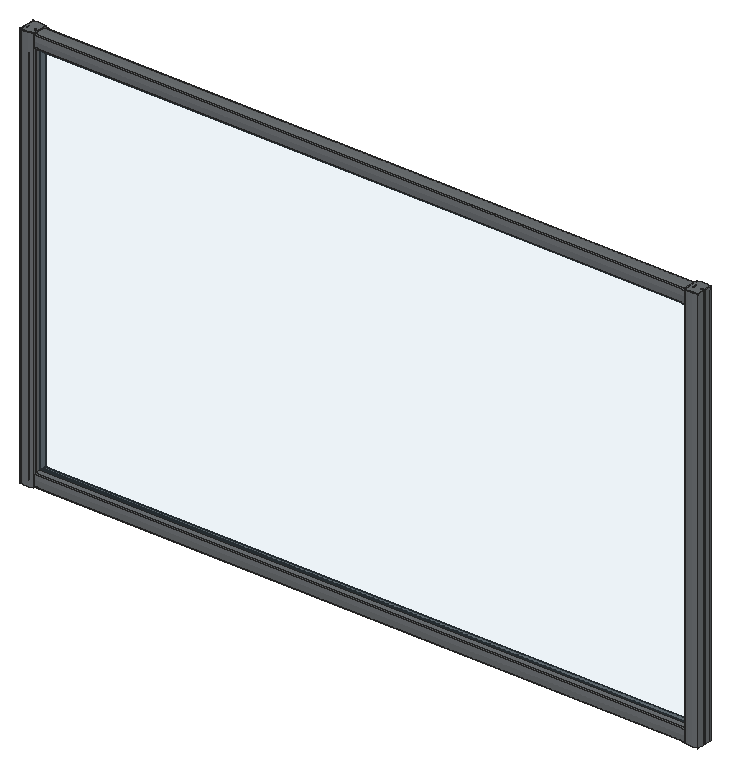
Revit family "Verano_V730_Biarritz_GM_R21", category Generic Models, Revit 2021 (continued)
Definition of nested family "Flat Plate TYPE 3"
  Forms (mm)
    Extrusion 1, solid, material <- "Frame Material"
      sketch origin (0, 0, 0) x (1, 0, 0) y (0, 1, 0)
        loop
          line (-25, 295) -> (-25, -295) -> (25, -295) -> (25, 295) -> (-25, 295)
        loop
          circle (0, -276) r 5
        loop
          circle (0, 276) r 5
      from 72 to 80
    Extrusion 2, solid, material <- "Frame Material"
      sketch origin (0, 0, 0) x (1, 0, 0) y (0, 1, 0)
        loop
          line (0, -267.953) -> (-6.969, -271.976) -> (-6.969, -280.024) -> (0, -284.047) -> (6.969, -280.024) -> (6.969, -271.976) -> (0, -267.953)
        loop
          line (0, 283.975) -> (-6.907, 279.988) -> (-6.907, 272.012) -> (0, 268.025) -> (6.907, 272.012) -> (6.907, 279.988) -> (0, 283.975)
        loop
          circle (0, 276) r 5
        loop
          circle (0, -276) r 5
      from 80 to 88
    Extrusion 3, solid, material <- "Frame Material"
      sketch origin (0, 0, 0) x (1, 0, 0) y (0, 1, 0)
        loop
          circle (0, -276) r 5
        loop
          circle (0, 276) r 5
      from 70 to 90
    Extrusion 4, solid, material <- "Frame Material"
      sketch origin (0, 0, 0) x (1, 0, 0) y (0, 1, 0)
        loop
          circle (0, -276) r 15
        loop
          circle (0, 276) r 15
      from 68 to 70
    Revolve 5, solid, material <- "Frame Material"
      sketch origin (0, 0, 30) x (0, 1, 0) y (-1, 0, 0)
        loop
          line (284, 0) -> (284, 13) -> (282, 13) -> (282, 15) -> (284, 15)
          arc (284, 15) -> (284.668, 21.162) -> (284.402, 27.354) r 41.118
          arc (284.402, 27.354) -> (283.415, 29.243) -> (281.423, 30) r 3
          line (281.423, 30) -> (270.577, 30)
          arc (270.577, 30) -> (268.585, 29.243) -> (267.598, 27.354) r 3
          arc (267.598, 27.354) -> (267.332, 21.162) -> (268, 15) r 41.118
          line (268, 15) -> (270, 15) -> (270, 13) -> (268, 13) -> (268, 0) -> (284, 0)
        axis (284.402, 0) -> (267.598, 0)
      angle from 0 to 360
    Revolve 6, solid, material <- "Frame Material"
      sketch origin (0, 0, 30) x (0, -1, 0) y (1, 0, 0)
        loop
          line (284, 0) -> (268, 0) -> (268, -13) -> (270, -13) -> (270, -15) -> (268, -15)
          arc (268, -15) -> (267.332, -21.162) -> (267.598, -27.354) r 41.118
          arc (267.598, -27.354) -> (268.585, -29.243) -> (270.577, -30) r 3
          line (270.577, -30) -> (281.423, -30)
          arc (281.423, -30) -> (283.415, -29.243) -> (284.402, -27.354) r 3
          arc (284.402, -27.354) -> (284.668, -21.162) -> (284, -15) r 41.118
          line (284, -15) -> (282, -15) -> (282, -13) -> (284, -13) -> (284, 0)
        axis (284.402, 0) -> (267.598, 0)
      angle from 0 to 360
    Extrusion 7, solid, material <- "Frame Material"
      sketch origin (0, -276, 0) x (1, 0, 0) y (0, 0, 1)
        loop
          line (-25, 68) -> (-25, 48) -> (-11.339, 23.641)
          arc (-11.339, 23.641) -> (0, 17) -> (11.339, 23.641) r 13
          line (11.339, 23.641) -> (25, 48) -> (25, 68) -> (-25, 68)
      from 13 to 10
    Extrusion 8, solid, material <- "Frame Material"
      sketch origin (0, -276, 0) x (1, 0, 0) y (0, 0, -1)
        loop
          line (-25, -68) -> (25, -68) -> (25, -48) -> (11.339, -23.641)
          arc (11.339, -23.641) -> (0, -17) -> (-11.339, -23.641) r 13
          line (-11.339, -23.641) -> (-25, -48) -> (-25, -68)
      from 13 to 10
    Extrusion 9, solid, material <- "Frame Material"
      sketch origin (0, 276, 0) x (1, 0, 0) y (0, 0, -1)
        loop
          line (-25, -68) -> (25, -68) -> (25, -48) -> (11.339, -23.641)
          arc (11.339, -23.641) -> (0, -17) -> (-11.339, -23.641) r 13
          line (-11.339, -23.641) -> (-25, -48) -> (-25, -68)
      from 13 to 10
    Extrusion 10, solid, material <- "Frame Material"
      sketch origin (0, 276, 0) x (1, 0, 0) y (0, 0, 1)
        loop
          line (-25, 68) -> (-25, 48) -> (-11.339, 23.641)
          arc (-11.339, 23.641) -> (0, 17) -> (11.339, 23.641) r 13
          line (11.339, 23.641) -> (25, 48) -> (25, 68) -> (-25, 68)
      from 13 to 10
    Extrusion 11, solid
      sketch origin (0, 0, 0) x (0, 1, 0) y (0, 0, 1)
        loop
          line (266, 68) -> (266, 65) -> (286, 65) -> (286, 68) -> (266, 68)
      from -25 to 25
    Extrusion 12, solid
      sketch origin (0, 0, 0) x (0, -1, 0) y (0, 0, -1)
        loop
          line (266, -68) -> (286, -68) -> (286, -65) -> (266, -65) -> (266, -68)
      from -25 to 25
  Dimensions and locks
    aligned and locked: level to plane 2
    aligned and locked: Extrusion 1 sketch curve to plane 5
    aligned and locked: Extrusion 1 sketch curve to plane 7
    aligned and locked: Extrusion 1 sketch curve to plane 4
    aligned and locked: Extrusion 1 sketch curve to plane 6
    aligned and locked: Extrusion 2 sketch curve to Extrusion 1  (x4)
    aligned and locked: Extrusion 3 sketch curve to Extrusion 2  (x4)
    aligned and locked: Revolve 5 sketch curve to plane 3 "Center (Left/Right)"
    aligned and locked: Extrusion 7 sketch curve to Extrusion 4
    aligned and locked: Extrusion 7 sketch curve to plane 5
    aligned and locked: Extrusion 7 sketch curve to plane 4
    aligned and locked: Extrusion 7 sketch curve to Revolve 6
    aligned and locked: Extrusion 4 to Extrusion 11 sketch curve
    aligned and locked: Extrusion 10 to Extrusion 11 sketch curve
    aligned and locked: Extrusion 11 sketch curve to Extrusion 9
Definition of nested family "Plate 1"
  Parameters (values of type "Plate 1")
    Frame Material = none
    Default Elevation = 0 mm
  Reference planes
    plane 1 "Center (Front/Back)": y = 0
    plane 2: z = 0
    plane 3 "Center (Left/Right)": x = 0
  Forms (mm)
    Extrusion 1, solid, material <- "Frame Material"
      sketch origin (0, 0, 0) x (1, 0, 0) y (0, 1, 0)
        loop
          line (-75, 84.125) -> (-75, -84.125)
          arc (-75, -84.125) -> (-25.861, -98.364) -> (25.3, -98.443) r 183
          line (25.3, -98.443) -> (25.3, 98.443)
          arc (25.3, 98.443) -> (-25.861, 98.364) -> (-75, 84.125) r 183
        loop
          circle (-58, 72) r 5.5
        loop
          circle (8.3, 72) r 5.5
        loop
          circle (8.3, -72) r 5.5
        loop
          circle (-58, -72) r 5.5
      from 0 to 6
  Dimensions and locks
    aligned and locked: level to plane 2
Types (4, lengths in mm): name | Two Part Glass End_2 | Top Rail | TPGE2 | TYPE | 3 Part | 2 part W/O Top Rail | 2 Part Top Glass | 2 Part | 1 Part
  1-part | 1 | yes | 1 | 1 | no | no | no | no | yes
  2-part | 687 | yes | 687 | 2 | no | no | yes | yes | no
  2-part W/O Top Rail | 750 | no | 1 | 3 | no | yes | yes | no | no
  3-part | 1 | yes | 750 | 4 | yes | no | no | no | no
